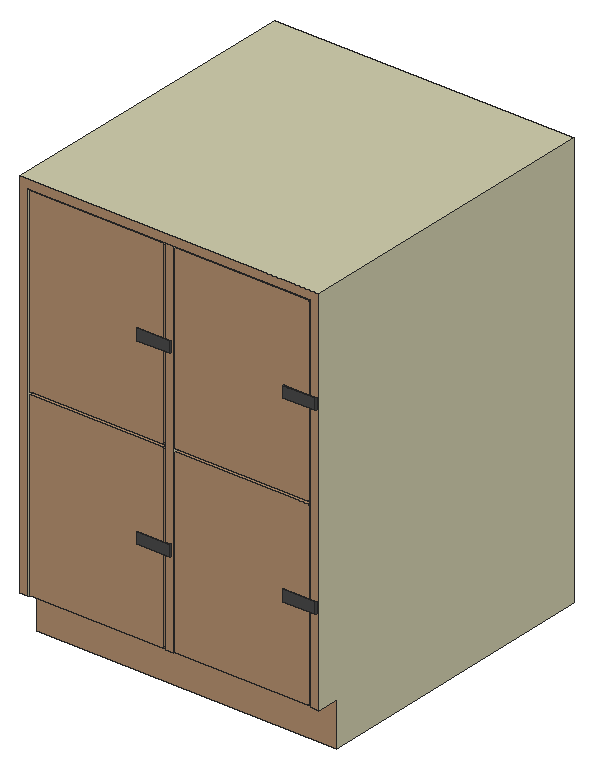
Revit family "Cabinet_Wenger_UltraStor_54", category Furniture, Revit 2015
Parameters (values of type "UltraStor Cabinet #54 - Comp Wood Doors")
  URL = "https://www.wengercorp.com/"
  Type Comments = ""
  Specification = "http://www.arcat.com/sdspecs/htm04/12_35_83wen.htm"
  Shelf Thickness = 0' - 1 1/8"
  Sales Information = "https://www.wengercorp.com/contact-us.php"
  Revision = "R1_2018-04"
  Rear Panel Thickness = 0' - 0 3/4"
  Product Data = "http://www.arcat.com/arcatcos/cos36/arc36487.html"
  Manufacturer Website = "https://www.wengercorp.com/"
  Manufacturer Phone - Toll Free = "800-4WENGER"
  Manufacturer Phone = "(507) 455-4100"
  Manufacturer Fax = "(507) 455-4258"
  Manufacturer Address = "555 Park Dr., Owatonna, MN 55060"
  Keynote = "12 35 83"
  HasDoors = yes
  Green Building-LEED = "http://www.arcat.com/green/clients/leed_data_36487.html"
  Drawn By = "Sumex Design, Inc. / Robert S. Weygant, CSI, CDT, SCIP"
  Door Width = (Cabinet Width - 0' 2 1/4") / 2  # 1' - 0 5/8"
  Door Style = Door_Base : Solid Door
  Door Material [instance] = Wenger Cherry (Use Cherry Edge Band Only)
  Door Height = (Cabinet Height - 0' 4 3/4") / 2  # 1' - 4 25/32"
  Toe Kick Material [instance] = Wenger Cherry (Use Cherry Edge Band Only)
  RH End Panel [instance] = no
  Model = "#54"
  Manufacturer = "Wenger Corporation"
  LH End Panel [instance] = no
  End Panel Material [instance] = Wenger Cherry (Use Cherry Edge Band Only)
  Edge Banding Material [instance] = Wenger Cherry (Use Cherry Edge Band Only)
  Cost = 0
  Copyright = "© 2018 Arcat Inc."
  Construction Details = "http://www.arcat.com/details/wengerco/wengerco.html?coid=36487"
  Body Material [instance] = Wenger - Oyster
  Description = "Wenger UltraStor Cabinet #54 - Comp Wood Doors"
  Cabinet Width = 2' - 3 1/2"
  Cabinet Height = 3' - 2 5/16"
  Installed Depth = 2' - 5 1/4"
  Cabinet Panel Thickness = 0' - 0 3/4"
  Assembly Code = "E2010200"
Types (14): name | Rear Panel Thickness | HasDoors | Door Width | Door Style | Door Material | Model | Description | Cabinet Width | Installed Depth
  Acoustic Cabinet #54 - No Doors | 0' - 3 1/4" | no | 1' - 0 5/8" | Door_Base : Solid Door | none | "#54A" | "Wenger Acoustic Cabinet #54 - No Doors" | 2' - 3 1/2" | 2' - 7 3/4"
  Narrow Acoustic Cabinet #54 - No Doors | 0' - 3 1/4" | no | 0' - 9 5/8" | Door_Base : Solid Door | none | "#54NA" | "Wenger Narrow Acoustic Cabinet #54 - No Doors" | 1' - 9 1/2" | 2' - 7 3/4"
  Acoustic Cabinet #54 - Comp Waterfall Grille Doors | 0' - 3 1/4" | yes | 1' - 0 5/8" | Door_Base : Waterfall | Painted Black | "#54A" | "Wenger Acoustic Cabinet #54 - Comp Waterfall Grille Doors" | 2' - 3 1/2" | 2' - 7 3/4"
  Acoustic Cabinet #54 - Comp Grille Doors | 0' - 3 1/4" | yes | 1' - 0 5/8" | Door_Base : Bars | Painted Black | "#54A" | "Wenger Acoustic Cabinet #54 - Comp Grille Doors" | 2' - 3 1/2" | 2' - 7 3/4"
  Narrow Acoustic Cabinet #54 - Comp Waterfall Grille Doors | 0' - 3 1/4" | yes | 0' - 9 5/8" | Door_Base : Waterfall | Painted Black | "#54NA" | "Wenger Narrow Acoustic Cabinet #54 - Comp Waterfall Grille Doors" | 1' - 9 1/2" | 2' - 7 3/4"
  Narrow Acoustic Cabinet #54 - Comp Grille Doors | 0' - 3 1/4" | yes | 0' - 9 5/8" | Door_Base : Bars | Painted Black | "#54NA" | "Wenger Narrow Acoustic Cabinet #54 - Comp Grille Doors" | 1' - 9 1/2" | 2' - 7 3/4"
  Narrow UltraStor Cabinet #54 - No Doors | 0' - 0 3/4" | no | 0' - 9 5/8" | Door_Base : Solid Door | none | "#54N" | "Wenger Narrow Cabinet #54 - No Doors" | 1' - 9 1/2" | 2' - 5 1/4"
  UltraStor Cabinet #54 - No Doors | 0' - 0 3/4" | no | 1' - 0 5/8" | Door_Base : Solid Door | none | "#54" | "Wenger UltraStor Cabinet #54 - No Doors" | 2' - 3 1/2" | 2' - 5 1/4"
  UltraStor Cabinet #54 - Comp Grille Doors | 0' - 0 3/4" | yes | 1' - 0 5/8" | Door_Base : Bars | Painted Black | "#54" | "Wenger UltraStor Cabinet #54 - Comp Grille Doors" | 2' - 3 1/2" | 2' - 5 1/4"
  Narrow UltraStor Cabinet #54 - Comp Waterfall Grille Doors | 0' - 0 3/4" | yes | 0' - 9 5/8" | Door_Base : Waterfall | Painted Black | "#54N" | "Wenger Narrow Cabinet #54 - Comp Waterfall Grille Doors" | 1' - 9 1/2" | 2' - 5 1/4"
  Narrow UltraStor Cabinet #54 - Comp Grille Doors | 0' - 0 3/4" | yes | 0' - 9 5/8" | Door_Base : Bars | Painted Black | "#54N" | "Wenger Narrow Cabinet #54 - Comp Grille Doors" | 1' - 9 1/2" | 2' - 5 1/4"
  Narrow UltraStor Cabinet #54 - Comp Wood Doors | 0' - 0 3/4" | yes | 0' - 9 5/8" | Door_Base : Solid Door | Wenger Cherry (Use Cherry Edge Band Only) | "#54N" | "Wenger Narrow Cabinet #54 - Comp Wood Doors" | 1' - 9 1/2" | 2' - 5 1/4"
  UltraStor Cabinet #54 - Comp Wood Doors | 0' - 0 3/4" | yes | 1' - 0 5/8" | Door_Base : Solid Door | Wenger Cherry (Use Cherry Edge Band Only) | "#54" | "Wenger UltraStor Cabinet #54 - Comp Wood Doors" | 2' - 3 1/2" | 2' - 5 1/4"
  UltraStor Cabinet #54 - Comp Waterfall Grille Doors | 0' - 0 3/4" | yes | 1' - 0 5/8" | Door_Base : Waterfall | Painted Black | "#54" | "Wenger UltraStor Cabinet #54 - Comp Waterfall Grille Doors" | 2' - 3 1/2" | 2' - 5 1/4"
Reference planes (in)
  plane 1 "Front": y = 0
  plane 2: z = 0
  plane 3 "Left": x = 0
  plane 4 "Right": x = 27.5
  plane 5 "Back": y = 29.25
  plane 6 "Top": z = 38.3125
  plane 7: z = 4
  plane 8: z = 20.78125
  plane 9: x = 0.75
  plane 10: x = 26.75
  plane 11: z = 37.5625
  plane 12: x = 13.375
  plane 13: x = 14.125
  plane 14: y = 28.5
  plane 15: y = 2
  plane 16: y = 0.75
  plane 17: z = 21.90625
  plane 18: z = 5.125
Forms (in)
  Extrusion 1, solid, material "Wenger - Oyster" <- "Body Material"
    sketch origin (0, 0, 0) x (0, 1, 0) y (0, 0, 1)
      loop
        line (0, 38.3125) -> (0, 4) -> (2, 4) -> (2, 0) -> (29.25, 0) -> (29.25, 38.3125) -> (0, 38.3125)
    from 0 to 27.5
  Extrusion 2, void
    sketch origin (0, 0, 0) x (0, 1, 0) y (0, 0, 1)
      loop
        line (0, 37.5625) -> (0, 4) -> (0.75, 4)
        arc (0.75, 4) -> (1.15915, 4.80234) -> (2, 5.125) r 1.25694
        line (2, 5.125) -> (28.5, 5.125) -> (28.5, 20.78125) -> (0.75, 20.78125)
        arc (0.75, 20.78125) -> (1.18296, 21.55713) -> (2, 21.90625) r 1.375
        line (2, 21.90625) -> (28.5, 21.90625) -> (28.5, 37.5625) -> (0, 37.5625)
    from 0.75 to 13.375
  Extrusion 3, void
    sketch origin (0, 0, 0) x (0, 1, 0) y (0, 0, 1)
      loop
        line (0, 37.5625) -> (0, 4) -> (0.75, 4)
        arc (0.75, 4) -> (1.18296, 4.77588) -> (2, 5.125) r 1.375
        line (2, 5.125) -> (28.5, 5.125) -> (28.5, 20.78125) -> (0.75, 20.78125)
        arc (0.75, 20.78125) -> (1.18296, 21.55713) -> (2, 21.90625) r 1.375
        line (2, 21.90625) -> (28.5, 21.90625) -> (28.5, 37.5625) -> (0, 37.5625)
    from 14.125 to 26.75
  Extrusion 4, void
    sketch origin (0, 0, 0) x (0, 1, 0) y (0, 0, 1)
      loop
        line (0, 37.5625) -> (0, 4) -> (0.0625, 4) -> (0.0625, 37.5625) -> (0, 37.5625)
    from 0.75 to 26.75
Cuts and joins
  Extrusion 2, Extrusion 3, Extrusion 4 cuts Extrusion 1
Lines and regions (in)
  Masking region 1
    outline origin (0, 0, 0) x (1, 0, 0) y (0, 1, 0)
      loop
        line (0, 29.25) -> (0, 0) -> (27.5, 0) -> (27.5, 29.25) -> (0, 29.25)
Dimensions and locks (in)
  "Cabinet Panel Thickness": plane 3 "Left" to plane 9
  "Cabinet Panel Thickness": plane 10 to plane 4 "Right"
  "Cabinet Panel Thickness": plane 5 "Back" to plane 14
  locked: plane 1 "Front" to plane 16 at 0.75
  locked: plane 1 "Front" to plane 15 at 2
  "Shelf Thickness": plane 17 to plane 8
  "Cabinet Panel Thickness": plane 6 "Top" to plane 11
  equal spacing: plane 11, plane 8, plane 7
  "Shelf Thickness": plane 18 to plane 7
  "Cabinet Width": plane 3 "Left" to plane 4 "Right"
  locked: plane 7 to level at 4
  "Cabinet Height": plane 6 "Top" to level
  "Installed Depth": plane 1 "Front" to plane 5 "Back"
  "Door Width": plane 12 to plane 9
  "Door Width": plane 10 to plane 13
  plane 3 "Left" to plane 4 "Right" = 2' - 3 1/2"
  equal spacing: plane 5 "Back", nested 2, plane 1 "Front"
  equal spacing: plane 12, nested 2, plane 13
  aligned and locked: Extrusion 1 sketch curve to plane 6 "Top"
  aligned and locked: Extrusion 1 sketch curve to plane 5 "Back"
  aligned and locked: Extrusion 1 sketch curve to plane 1 "Front"
  aligned and locked: Extrusion 1 sketch curve to plane 7
  aligned and locked: Extrusion 1 sketch curve to plane 15
  aligned and locked: Extrusion 1 sketch curve to level
  aligned and locked: Extrusion 1 to plane 4 "Right"
  aligned and locked: Extrusion 1 to plane 3 "Left"
  aligned and locked: Extrusion 2 sketch curve to plane 11
  aligned and locked: Extrusion 2 sketch curve to plane 14
  aligned and locked: Extrusion 2 sketch curve to plane 18
  aligned and locked: Extrusion 2 sketch curve to plane 17
  aligned and locked: Extrusion 2 to plane 9
  aligned and locked: plane 12 to Extrusion 2
  aligned and locked: Extrusion 3 to plane 10
  aligned and locked: Extrusion 3 to plane 13
  aligned and locked: Extrusion 4 sketch curve to cut or joined group of Extrusion 1, Extrusion 2, Extrusion 3, Extrusion 4  (x3)
  aligned and locked: Extrusion 4 to plane 10
  aligned and locked: Extrusion 4 to plane 9
  aligned and locked: nested 3 to plane 9
  aligned and locked: plane 12 to nested 3
  aligned and locked: nested 3 to plane 8
  aligned and locked: cut or joined group of Extrusion 1, Extrusion 2, Extrusion 3, Extrusion 4 to plane 13
  aligned and locked: cut or joined group of Extrusion 1, Extrusion 2, Extrusion 3, Extrusion 4 to plane 10
  aligned and locked: nested 4 to plane 8
  aligned and locked: plane 8 to cut or joined group of Extrusion 1, Extrusion 2, Extrusion 3, Extrusion 4
  aligned and locked: nested 6 to plane 10
  aligned and locked: nested 4 to plane 10
  aligned and locked: nested 4 to plane 13
  aligned and locked: nested 6 to plane 13
  aligned and locked: plane 12 to nested 5
  aligned and locked: nested 5 to plane 9
  aligned and locked: plane 7 to cut or joined group of Extrusion 1, Extrusion 2, Extrusion 3, Extrusion 4
  aligned and locked: nested 6 to plane 7
  aligned and locked: nested 5 to plane 7
  aligned and locked: plane 16 to Extrusion 2 sketch curve  (x2)
  aligned and locked: plane 1 "Front" to nested 7
  aligned and locked: nested 7 to level
  aligned and locked: nested 7 to plane 4 "Right"
  aligned and locked: Masking region 1 sketch curve to plane 5 "Back"
  aligned and locked: Masking region 1 sketch curve to plane 1 "Front"
  aligned and locked: plane 3 "Left" to Masking region 1 sketch curve
  aligned and locked: plane 4 "Right" to Masking region 1 sketch curve
  aligned and locked: plane 1 "Front" to Extrusion 2 sketch curve
  aligned and locked: plane 1 "Front" to Extrusion 3 sketch curve
Automatic sketch dimensions
  Extrusion 3 sketch curve to plane 11 = 0' - 0"
  Extrusion 3 sketch curve to plane 7 = 0' - 0"
  Extrusion 3 sketch curve to plane 16 = 0' - 0"  (x2)
  Extrusion 3 sketch curve to plane 8 = 0' - 0"
  Extrusion 3 sketch curve to plane 15 = 0' - 0"  (x2)
  Extrusion 3 sketch curve to plane 14 = 0' - 0"  (x2)
  Extrusion 3 sketch curve to plane 18 = 0' - 0"
  Extrusion 3 sketch curve to plane 17 = 0' - 0"
  Extrusion 3 sketch curve to plane 15 = 0' - 0.10279"  (x2)
  plane 16 to Extrusion 4 sketch curve = 0' - 0 11/16"
  Extrusion 2 sketch curve to plane 7 = 0' - 0"
  Extrusion 2 sketch curve to plane 15 = 0' - 0"  (x2)
  Extrusion 2 sketch curve to plane 14 = 0' - 0"
  Extrusion 2 sketch curve to plane 8 = 0' - 0"
  Extrusion 2 sketch curve to plane 15 = 0' - 0.10279"
Nested families (in)
  nested 1: "End Panel" at (0, 14.25, 0) x (0, -1, 0) z (0, 0, 1), End Panel Material <- "End Panel Material", visible <- "LH End Panel", Edge Banding Material <- "Edge Banding Material", type "End Panel"
    with End Panel Material Wenger Cherry (Use Cherry Edge Band Only), Edge Banding Material Wenger Cherry (Use Cherry Edge Band Only), End Panel Height 3' - 2 5/16", End Panel Depth 2' - 5 1/4"
  nested 2: "Labels" at (13.75, 14.625, 0), type "Labels"
  nested 3: "Door_Base" at (7.0625, 0, 20.78125) x (1, 0, 0) z (0, -1, 0), type <- "Door Style", Height <- "Door Height", Width <- "Door Width", visible <- "HasDoors", type "Solid Door", detail levels medium+fine
    with vBars 11, Width 1' - 0 5/8", ToeKick Height 0' - 4", MidBar no, Height 1' - 4 25/32", BarHt 1' - 4 9/32", 2HzBars no
  nested 4: "Door_Base" at (20.4375, 0, 20.78125) x (1, 0, 0) z (0, -1, 0), type <- "Door Style", Height <- "Door Height", Width <- "Door Width", visible <- "HasDoors", type "Solid Door", detail levels medium+fine
    with vBars 11, Width 1' - 0 5/8", ToeKick Height 0' - 4", MidBar no, Height 1' - 4 25/32", BarHt 1' - 4 9/32", 2HzBars no
  nested 5: "Door_Base" at (7.0625, 0, 4) x (1, 0, 0) z (0, -1, 0), type <- "Door Style", Height <- "Door Height", Width <- "Door Width", visible <- "HasDoors", type "Solid Door", detail levels medium+fine
    with vBars 11, Width 1' - 0 5/8", ToeKick Height 0' - 4", MidBar no, Height 1' - 4 25/32", BarHt 1' - 4 9/32", 2HzBars no
  nested 6: "Door_Base" at (20.4375, 0, 4) x (1, 0, 0) z (0, -1, 0), type <- "Door Style", Height <- "Door Height", Width <- "Door Width", visible <- "HasDoors", type "Solid Door", detail levels medium+fine
    with vBars 11, Width 1' - 0 5/8", ToeKick Height 0' - 4", MidBar no, Height 1' - 4 25/32", BarHt 1' - 4 9/32", 2HzBars no
  nested 7: "End Panel" at (28.25, 14.25, 0) x (0, -1, 0) z (0, 0, 1), End Panel Material <- "End Panel Material", Edge Banding Material <- "Edge Banding Material", visible <- "RH End Panel", type "End Panel"
    with End Panel Material Wenger Cherry (Use Cherry Edge Band Only), Edge Banding Material Wenger Cherry (Use Cherry Edge Band Only), End Panel Height 3' - 2 5/16", End Panel Depth 2' - 5 1/4"
Definition of nested family "End Panel"
  Parameters (values of type "End Panel")
    End Panel Material [instance] = none
    End Panel Height = 7' - 1 5/8"
    End Panel Depth = 1' - 9 3/4"
    Edge Banding Material [instance] = none
    Default Elevation = 4' - 0"
    Assembly Code = ""
  Reference planes (in)
    plane 1 "Center (Front/Back)": y = 0
    plane 2: z = 0
    plane 3 "Center (Left/Right)": x = 0
    plane 4: x = -15
    plane 5: x = 6.75
    plane 6: z = 4
    plane 7: x = 4.75
    plane 8: z = 85.625
    plane 9: y = -0.75
  Forms (in)
    Extrusion 1, solid, material <- "End Panel Material"
      sketch origin (0, 0, 0) x (1, 0, 0) y (0, 0, 1)
        loop
          line (-15, 85.625) -> (-15, 0) -> (4.75, 0) -> (4.75, 4) -> (6.75, 4) -> (6.75, 85.625) -> (-15, 85.625)
      from 0 to 0.75
  Lines and regions (in)
    Masking region 1, detail levels coarse+medium
      outline origin (0, 0, 0) x (1, 0, 0) y (0, 1, 0)
        loop
          line (-15, 0) -> (-15, -0.75) -> (6.75, -0.75) -> (6.75, 0) -> (-15, 0)
  Dimensions and locks (in)
    locked: plane 7 to plane 5 at 2
    locked: plane 6 to level at 4
    "End Panel Height": plane 8 to level
    "End Panel Depth": plane 5 to plane 4
    locked: plane 9 to plane 1 "Center (Front/Back)" at 0.75
    aligned and locked: plane 4 to Extrusion 1 sketch curve
    aligned and locked: level to Extrusion 1 sketch curve
    aligned and locked: plane 7 to Extrusion 1 sketch curve
    aligned and locked: plane 6 to Extrusion 1 sketch curve
    aligned and locked: Extrusion 1 sketch curve to plane 5
    aligned and locked: Extrusion 1 sketch curve to plane 8
    aligned and locked: Extrusion 1 to plane 9
    aligned and locked: Extrusion 1 to plane 1 "Center (Front/Back)"
    aligned and locked: plane 4 to Masking region 1 sketch curve
    aligned and locked: Masking region 1 sketch curve to plane 5
    aligned and locked: plane 1 "Center (Front/Back)" to Masking region 1 sketch curve
    aligned and locked: plane 9 to Masking region 1 sketch curve
Definition of nested family "Door_Base"
  Parameters (values of type "None")
    vBars [instance] = (Width - 0' 2") / 0' 1"  # 6
    Width [instance] = 0' - 8"
    ToeKick Height [instance] = 0' - 4"
    Thickness = 0' - 0 3/4"
    Solid Door = no
    Shelf Thickness = 0' - 0 3/4"
    Panel Thickness = 0' - 0 3/4"
    MidBar [instance] = and(Height < 1' 6", HasDoor, not(Solid Door))  # no
    Height [instance] = 1' - 2 5/8"
    HasDoor = no
    Edge Banding = none
    DoorGap = 0' - 0 1/8"
    Door Finish = none
    Depth = 2' - 0"
    Default Elevation = 4' - 0"
    Bars = no
    BarStyle = Bars : Waterfall
    BarHt [instance] = Height - 0' 0 1/2"  # 1' - 2 1/8"
    2HzBars [instance] = and(Height > 1' 6", not(Solid Door))  # no
  Types (4): name | Thickness | Solid Door | MidBar | HasDoor | Bars | BarStyle
    Solid Door | 0' - 0 3/4" | yes | no | yes | no | Bars : Waterfall
    Bars | 0' - 0 1/4" | no | yes | yes | yes | Bars : Straight
    Waterfall | 0' - 0 3/4" | no | yes | yes | yes | Bars : Waterfall
    None | 0' - 0 3/4" | no | no | no | no | Bars : Waterfall
  Reference planes (in)
    plane 1 "Center (Front/Back)": y = 0
    plane 2: z = 0
    plane 3 "Center (Left/Right)": x = 0
    plane 4: x = -4
    plane 5: y = 14.625
    plane 6: x = 4
    plane 7: z = -0.75
    plane 8: x = -3.875
    plane 9: x = 3.875
    plane 10: y = 0.125
    plane 11: y = 14.5
    plane 12: y = -0.75
    plane 13 "CL Elev": y = 7.3125
    plane 14: x = -3.75
    plane 15: x = 3.75
    plane 16 "BtmRail": y = 0.25
    plane 17: y = 14.375
    plane 18: z = -0.125
    plane 19: x = -2.75
    plane 20: x = 2.75
    plane 21: y = 9.66667
    plane 22: y = 4.95833
  Forms (in)
    Extrusion 1, solid, material <- "Door Finish", visible <- "Solid Door", detail levels medium+fine
      sketch origin (0, 0, 0) x (1, 0, 0) y (0, 1, 0)
        loop
          arc (-3.75, 14.5) -> (-3.83839, 14.46339) -> (-3.875, 14.375) r 0.125
          line (-3.875, 14.375) -> (-3.875, 0.25)
          arc (-3.875, 0.25) -> (-3.83839, 0.16161) -> (-3.75, 0.125) r 0.125
          line (-3.75, 0.125) -> (3.75, 0.125)
          arc (3.75, 0.125) -> (3.83839, 0.16161) -> (3.875, 0.25) r 0.125
          line (3.875, 0.25) -> (3.875, 14.375)
          arc (3.875, 14.375) -> (3.83839, 14.46339) -> (3.75, 14.5) r 0.125
          line (3.75, 14.5) -> (-3.75, 14.5)
      from 0 to -0.75
    Sweep 2, solid, material <- "Door Finish", visible <- "Bars", detail levels medium+fine
      path origin (0, 0, 0) x (1, 0, 0) y (0, 1, 0)
        loop
          arc (-3.125, 14.5) -> (-3.65533, 14.28033) -> (-3.875, 13.75) r 0.75
          line (-3.875, 13.75) -> (-3.875, 0.875)
          arc (-3.875, 0.875) -> (-3.65533, 0.34467) -> (-3.125, 0.125) r 0.75
          line (-3.125, 0.125) -> (3.125, 0.125)
          arc (3.125, 0.125) -> (3.65533, 0.34467) -> (3.875, 0.875) r 0.75
          line (3.875, 0.875) -> (3.875, 13.75)
          arc (3.875, 13.75) -> (3.65533, 14.28033) -> (3.125, 14.5) r 0.75
          line (3.125, 14.5) -> (-3.125, 14.5)
      profile origin (0, 14.5, 0) x (0, 1, 0) y (0, 0, 1)
        loop
          circle (-0.125, -0.125) r 0.125
    Extrusion 3, solid, material <- "Door Finish", visible <- "MidBar", detail levels medium+fine
      sketch origin (0, 0, 0) x (0, 1, 0) y (0, 0, 1)
        loop
          circle (7.3125, -0.125) r 0.125
      from -3.75 to 3.75
    Extrusion 4, solid, visible <- "HasDoor", detail levels fine
      sketch origin (0, 0, 0) x (1, 0, 0) y (0, 1, 0)
        loop
          line (1.5, 7.8125) -> (1.5, 6.8125) -> (4.5, 6.8125) -> (4.5, 7.8125) -> (1.5, 7.8125)
      from 0 to 0.125
    Extrusion 5, solid, material <- "Door Finish", visible <- "2HzBars", detail levels medium+fine
      sketch origin (0, 0, 0) x (0, 1, 0) y (0, 0, 1)
        loop
          circle (9.66667, -0.125) r 0.125
        loop
          circle (4.95833, -0.125) r 0.125
      from -3.75 to 3.75
  Lines and regions (in)
    symbolic lines, visible <- "HasDoor", detail levels medium+fine
      curve 1: line (4, 0.25, 0) -> (-4, 0.25, 0)
      curve 2: line (-4, 0.25, 0) -> (-4, 0.25, 8)
      curve 3: arc (4, 0.25, 0) -> (1.65685, 0.25, 5.65685) -> (-4, 0.25, 8) r 8
    symbolic lines, visible <- "HasDoor"
      curve 4: line (3.875, 0.25, 0) -> (3.875, 0.25, -0.75)
      curve 5: line (3.875, 0.25, -0.75) -> (-3.875, 0.25, -0.75)
      curve 6: line (-3.875, 0.25, -0.75) -> (-3.875, 0.25, 0)
    symbolic lines, detail levels medium
      curve 7: line (3.875, 14.5, 0) -> (-3.875, 7.3125, 0)
      curve 8: line (-3.875, 7.3125, 0) -> (3.875, 0.125, 0)
  Dimensions and locks (in)
    "Height": plane 1 "Center (Front/Back)" to plane 5
    "Thickness": level to plane 7
    equal spacing: plane 4, plane 3 "Center (Left/Right)", plane 6
    "Width": plane 4 to plane 6
    "DoorGap": plane 5 to plane 11
    "DoorGap": plane 9 to plane 6
    "DoorGap": plane 4 to plane 8
    "DoorGap": plane 1 "Center (Front/Back)" to plane 10
    "Shelf Thickness": plane 1 "Center (Front/Back)" to plane 12
    equal spacing: plane 1 "Center (Front/Back)", plane 13 "CL Elev", plane 5
    locked: plane 15 to plane 9 at 0.125
    locked: plane 8 to plane 14 at 0.125
    locked: plane 11 to plane 17 at 0.125
    locked: plane 16 "BtmRail" to plane 10 at 0.125
    locked: level to plane 18 at 0.125
    plane 19 to plane 14 = 0' - 1"
    locked: plane 15 to plane 20 at 1
    Extrusion 4 sketch curve to plane 13 "CL Elev" to Extrusion 4 sketch curve = 0' - 0 1/2" locked, 0' - 0 1/2" locked
    locked: plane 6 to Extrusion 4 sketch curve at 0.5
    locked: Extrusion 4 sketch curve to plane 6 at 2.5
    locked: Extrusion 4 to level at 0.125
    equal spacing: group 1, group 3, group 4, group 5, group 6, group 2  (x3)
    equal spacing: plane 17, plane 21, plane 22, plane 16 "BtmRail"
    "Width": radius of curve 3
    aligned and locked: plane 2 to level
    aligned and locked: Extrusion 1 sketch curve to plane 11
    aligned and locked: plane 8 to Extrusion 1 sketch curve
    aligned and locked: Extrusion 1 sketch curve to plane 9
    aligned and locked: plane 10 to Extrusion 1 sketch curve
    aligned and locked: Extrusion 1 to plane 7
    aligned and locked: level to Extrusion 1
    aligned and locked: Sweep 2 sketch curve to plane 11
    aligned and locked: plane 8 to Sweep 2 sketch curve
    aligned and locked: plane 10 to Sweep 2 sketch curve
    aligned and locked: Sweep 2 sketch curve to plane 9
    aligned and locked: plane 15 to Extrusion 3
    aligned and locked: Extrusion 3 to plane 14
    aligned and locked: plane 20 to nested 2
    aligned and locked: plane 19 to nested 1
    aligned and locked: plane 21 to Extrusion 5 sketch curve
    aligned and locked: plane 18 to Extrusion 5 sketch curve  (x2)
    aligned and locked: plane 22 to Extrusion 5 sketch curve
    aligned and locked: Extrusion 5 to Extrusion 3  (x2)
    aligned and locked: plane 4 to curve 3  (x2)
    aligned and locked: level to curve 3
    aligned and locked: plane 7 to curve 5
    aligned and locked: Extrusion 1 to plane 8
    aligned and locked: plane 9 to Extrusion 1
    aligned and locked: plane 10 to curve 8
    aligned and locked: plane 9 to curve 8
    aligned and locked: plane 13 "CL Elev" to curve 8
    aligned and locked: plane 11 to curve 7
    aligned and locked: plane 9 to curve 7
  Automatic sketch dimensions
    plane 8 to Sweep 2 sketch curve = 0' - 0 3/4"  (x2)
    Sweep 2 sketch curve to plane 9 = 0' - 0 3/4"
    Sweep 2 sketch curve to Sweep 2 sketch curve = 0' - 0 3/4"
    Sweep 2 sketch curve to level = 0' - 0 1/8"
    profile plane to Sweep 2 sketch curve = 0' - 0 1/8"
    Extrusion 3 sketch curve to level = 0' - 0 1/8"
    Extrusion 3 sketch curve to plane 13 "CL Elev" = 0' - 0"
    curve 8 to plane 8 = 0' - 0"
    Extrusion 1 sketch curve to plane 14 = 0' - 0"  (x2)
    Extrusion 1 sketch curve to plane 15 = 0' - 0"  (x2)
    curve 5 to plane 9 = 0' - 0"
    curve 6 to plane 8 = 0' - 0"
    radius of Sweep 2 sketch curve = 0' - 0 1/8"
    radius of Extrusion 3 sketch curve = 0' - 0 1/8"
    radius of Extrusion 5 sketch curve = 0' - 0 1/8"  (x2)
  Nested families (in)
    nested 1: "Bars" at (-2.75, 0.25, -0.125) x (1, 0, 0) z (0, 1, 0), type <- "BarStyle", visible <- "Bars", type "Waterfall", detail levels fine
      with Lateral Deviation 0' - 1", Height 1' - 2 1/8"
    nested 2: "Bars" at (2.75, 0.25, -0.125) x (1, 0, 0) z (0, 1, 0), type <- "BarStyle", visible <- "Bars", type "Waterfall", detail levels fine
      with Lateral Deviation 0' - 1", Height 1' - 2 1/8"
    nested 3: "Bars" at (-1.65, 0.25, -0.125) x (1, 0, 0) z (0, 1, 0), type <- "BarStyle", visible <- "Bars", type "Waterfall", detail levels fine
      with Lateral Deviation 0' - 1", Height 1' - 2 1/8"
    nested 4: "Bars" at (-0.55, 0.25, -0.125) x (1, 0, 0) z (0, 1, 0), type <- "BarStyle", visible <- "Bars", type "Waterfall", detail levels fine
      with Lateral Deviation 0' - 1", Height 1' - 2 1/8"
    nested 5: "Bars" at (0.55, 0.25, -0.125) x (1, 0, 0) z (0, 1, 0), type <- "BarStyle", visible <- "Bars", type "Waterfall", detail levels fine
      with Lateral Deviation 0' - 1", Height 1' - 2 1/8"
    nested 6: "Bars" at (1.65, 0.25, -0.125) x (1, 0, 0) z (0, 1, 0), type <- "BarStyle", visible <- "Bars", type "Waterfall", detail levels fine
      with Lateral Deviation 0' - 1", Height 1' - 2 1/8"
  Definition of nested family "Bars"
    Parameters (values of type "Straight")
      WaterFall = no
      Straight = yes
      Lateral Deviation = 0' - 1 1/2"
      Height = 1' - 2 5/8"
      Default Elevation = 4' - 0"
      Bars = none
    Types (3): name | WaterFall | Straight
      (no name) | no | yes
      Waterfall | yes | no
      Straight | no | yes
    Reference planes (in)
      plane 1 "Center (Front/Back)": y = 0
      plane 2: z = 0
      plane 3 "Center (Left/Right)": x = 0
      plane 4: z = 14.625
      plane 5: z = 7.3125
      plane 6: x = 0.75
      plane 7: x = -0.75
      plane 8: z = 10.96875
      plane 9: z = 3.65625
    Forms (in)
      Sweep 1, solid, material <- "Bars", visible <- "WaterFall"
        path origin (0, 0, 0) x (1, 0, 0) y (0, 0, 1)
          loop
            arc (0, 0) -> (0.56057, 1.79006) -> (0.75, 3.65625) r 9.28711
            arc (0.75, 3.65625) -> (0.56057, 5.52244) -> (0, 7.3125) r 9.28711
        profile origin (0.56057, 0, 1.79006) x (-0.979603, 0, 0.200944) y (0, -1, 0)
          loop
            circle (0, 0) r 0.0625
      Sweep 2, solid, material <- "Bars", visible <- "WaterFall"
        path origin (0, 0, 14.625) x (-1, 0, 0) y (0, 0, -1)
          loop
            arc (0, 0) -> (0.56057, 1.79006) -> (0.75, 3.65625) r 9.28711
            arc (0.75, 3.65625) -> (0.56057, 5.52244) -> (0, 7.3125) r 9.28711
        profile origin (-0.56057, 0, 12.83494) x (0.979603, 0, -0.200944) y (0, -1, 0)
          loop
            circle (0, 0) r 0.0625
      Extrusion 3, solid, material <- "Bars", visible <- "Straight"
        sketch origin (0, 0, 0) x (1, 0, 0) y (0, 1, 0)
          loop
            circle (0, 0) r 0.0625
        from 0 to 14.625
    Dimensions and locks (in)
      "Height": plane 4 to level
      equal spacing: plane 6, plane 3 "Center (Left/Right)", plane 7
      "Lateral Deviation": plane 6 to plane 7
      equal spacing: plane 4, plane 8, plane 5, plane 9, level
      aligned and locked: plane 2 to level
      aligned and locked: plane 3 "Center (Left/Right)" to Sweep 1 sketch curve  (x2)
      aligned and locked: level to Sweep 1 sketch curve
      aligned and locked: plane 6 to Sweep 1 sketch curve
      aligned and locked: plane 9 to Sweep 1 sketch curve
      aligned and locked: plane 4 to Sweep 2 sketch curve
      aligned and locked: plane 3 "Center (Left/Right)" to Sweep 2 sketch curve  (x2)
      aligned and locked: plane 8 to Sweep 2 sketch curve
      aligned and locked: plane 7 to Sweep 2 sketch curve
      aligned and locked: plane 5 to Sweep 2 sketch curve
      aligned and locked: plane 4 to Extrusion 3
      aligned and locked: Extrusion 3 to level
    Automatic sketch dimensions
      plane 1 "Center (Front/Back)" to Sweep 1 sketch curve = 0' - 0"
      Sweep 1 sketch curve to profile plane = 0' - 0"
      Sweep 1 sketch curve to Sweep 1 sketch curve = 0' - 0"
      Sweep 2 sketch curve to plane 1 "Center (Front/Back)" = 0' - 0"
      Sweep 2 sketch curve to profile plane = 0' - 0"
      plane 1 "Center (Front/Back)" to Extrusion 3 sketch curve = 0' - 0"
      Extrusion 3 sketch curve to plane 3 "Center (Left/Right)" = 0' - 0"
      radius of Sweep 1 sketch curve = 0' - 0 1/16"
      radius of Sweep 2 sketch curve = 0' - 0 1/16"
      radius of Extrusion 3 sketch curve = 0' - 0 1/16"
Definition of nested family "Labels"
  Parameters
    Cabinet Label = "01"
  Reference planes (in)
    plane 1: y = 0
    plane 2: x = 0
  Text (in)
    label "xxxx" at (-0.00018, 0.00754, 0), shows "Cabinet Label"
